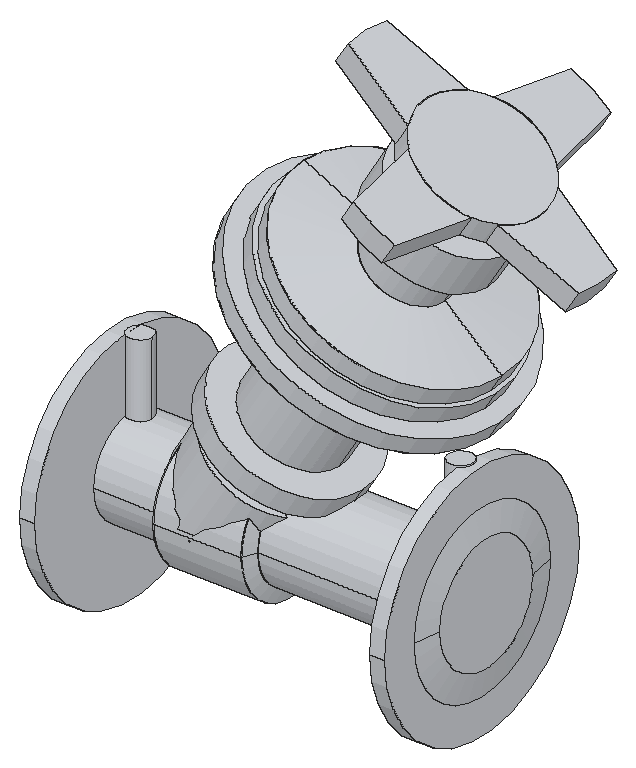
Revit family "224_DN080_20-70_RFA_2018", category Pipe Accessories, Revit 2018
Family settings
  Round Connector Dimension = Use Diameter
  Part Type = Valve - Breaks Into
  Work Plane-Based = No
  Always vertical = Yes
  Cut with Voids When Loaded = No
  Shared = No
Parameters (values of type "224_DN080_(20-70)")
  magiProductId = "2f63645f7c5342ecbadd0051fa47f2"
  magiProductFamilyId = "cb96b53648234cefb8c956722b95ac"
  magiPartTypeId = 304
  isMeasuringValve [instance] = no
  ang2D [instance] = 0.00°
  Z8 = 23.328 mm
  Z7 = 7.776 mm
  Z6 = 97.2 mm
  Z4 = 38.88 mm
  Z3 = 15.552 mm
  Z2 = 19.44 mm
  Z1 = 58.32 mm
  Y9 = 112.022 mm
  Y8 = 43.927 mm
  X9 = 19.752 mm
  X8 = 30.758 mm
  X5 = 140.96 mm
  X4 = 72.8 mm
  X1 = 12.4 mm
  W2D = 100 mm
  VersionID = "2.0/2018.4.11.4/ZETKAMA_224_001"
  Use Minimum Symbol Size [instance] = yes
  URL = "www.hydronic.cz"
  Type Comments = "přírubový ventil, PN16; -10~+120°C; dpmin=1,5xdpnast;"
  R8 = 53.625 mm
  R7 = 35.75 mm
  R6 = 96.688 mm
  R5 = 100 mm
  R4 = 113.75 mm
  R3 = 41.6 mm
  R2 = 70.5 mm
  R12 = 42.75 mm
  R10 = 48 mm
  QmdConnectorList = "301;D;302;D"
  Productdata [instance] = ""
  Manufacturer = "Hydronic Systems Prague s.r.o."
  Maintenance Zone Under Depth [instance] = 390 mm
  Maintenance Zone Right Depth [instance] = 310 mm
  Maintenance Zone Over Depth [instance] = 390 mm
  Maintenance Zone Left Depth [instance] = 310 mm
  Maintenance Zone Front Depth [instance] = 273 mm
  Maintenance Zone Back Depth [instance] = 273 mm
  Maintenance Zone Front Visibility [instance] = no
  MC Product Code = "224 080 3 (DN80; dpnast 20-70kPa; dpmax=300kPa; kvs=74,5kPa)"
  MC Piping Given Pressure Drop [instance] = 0.0 Pa
  LT2 = 155 mm
  L3 = 55.44 mm
  L2D_Min = 3048 mm
  L2D = 350 mm
  H5 = 60 mm
  FDT2 = 100 mm
  Description = "Regulátor diferenčního tlaku přírubový"
  DT21 = 40 mm
  DT2 = 40 mm
  D6 = 65 mm
  D5 = 52 mm
  D = 80 mm
  Clearance Zone Height Depth [instance] = 390 mm
  Clearance Zone Circular Radius [instance] = 310 mm
  Clearance Zone Visibility [instance] = no
  CAT0 = yes
  ARC2 = 1.728 mm
  ARC1 = 9.698 mm
  ANG = 32.00°
  A2 = 28.748 mm
  A1 = 46.007 mm
Types (10, lengths in mm): name | magiProductId | Z8 | Z7 | Z6 | Z4 | Z3 | Z2 | Z1 | X5 | X4 | X1 | R5 | R3 | R2 | R10 | Maintenance Zone Under Depth | Maintenance Zone Right Depth | Maintenance Zone Over Depth | Maintenance Zone Left Depth | MC Product Code | LT2 | L3 | H5 | FDT2 | DT21 | DT2 | D6 | D5 | D | Clearance Zone Height Depth | Clearance Zone Circular Radius | A2 | A1
  224_DN100_(40-160) | "71f9e553003c40d991c5e352e67284" | 24.389 | 8.13 | 101.622 | 40.649 | 16.26 | 20.324 | 60.973 | 152.2 | 91 | 14 | 110 | 52 | 80.5 | 58 | 405 | 350 | 405 | 350 | "224 100 7 (DN100; dpnast 40-160kPa; dpmax=250kPa; kvs=110,0kPa)" | 175 | 62.8 | 60 | 110 | 50 | 50 | 81.25 | 65 | 100 | 405 | 350 | 32.458 | 51.943
  224_DN100_(20-70) | "5e4de33176c64976a9c157b39996ce" | 24.389 | 8.13 | 101.622 | 40.649 | 16.26 | 20.324 | 60.973 | 152.2 | 91 | 14 | 110 | 52 | 80.5 | 58 | 405 | 350 | 405 | 350 | "224 100 3 (DN100; dpnast 20-70kPa; dpmax=250kPa; kvs=110,0kPa)" | 175 | 62.8 | 60 | 110 | 50 | 50 | 81.25 | 65 | 100 | 405 | 350 | 32.458 | 51.943
  224_DN125_(40-160) | "9beb69b667494b6ab1f54942078ae6" | 25.804 | 8.601 | 107.518 | 43.007 | 17.203 | 21.504 | 64.511 | 166.25 | 113.75 | 16 | 125 | 65 | 95.5 | 71 | 425 | 400 | 425 | 400 | "224 125 7 (DN125; dpnast 40-160kPa; dpmax=250kPa; kvs=169,0kPa)" | 200 | 72 | 62.5 | 125 | 62.5 | 62.5 | 101.562 | 81.25 | 125 | 425 | 400 | 37.094 | 59.363
  224_DN125_(20-70) | "2c85edc695ca465cb63b6911085491" | 25.804 | 8.601 | 107.518 | 43.007 | 17.203 | 21.504 | 64.511 | 166.25 | 113.75 | 16 | 125 | 65 | 95.5 | 71 | 425 | 400 | 425 | 400 | "224 125 3 (DN125; dpnast 20-70kPa; dpmax=250kPa; kvs=169,0kPa)" | 200 | 72 | 62.5 | 125 | 62.5 | 62.5 | 101.562 | 81.25 | 125 | 425 | 400 | 37.094 | 59.363
  224_DN150_(40-160) | "96017eba5eec4de2abe05c4d8dc7d1" | 26.866 | 8.955 | 89.552 | 44.776 | 17.91 | 22.388 | 89.552 | 223.38 | 115.5 | 19.2 | 142.5 | 70.2 | 108.5 | 84 | 440 | 480 | 440 | 480 | "224 150 7 (DN150; dpnast 40-160kPa; dpmax=250kPa; kvs=200,0kPa)" | 240 | 86.72 | 67.5 | 142.5 | 67.5 | 75 | 90.75 | 82.5 | 150 | 440 | 480 | 44.513 | 71.236
  224_DN150_(20-70) | "2dcf3707ec5549d494f72875a03dce" | 26.866 | 8.955 | 89.552 | 44.776 | 17.91 | 22.388 | 89.552 | 223.38 | 115.5 | 19.2 | 142.5 | 70.2 | 108.5 | 84 | 440 | 480 | 440 | 480 | "224 150 3 (DN150; dpnast 20-70kPa; dpmax=250kPa; kvs=200,0kPa)" | 240 | 86.72 | 67.5 | 142.5 | 67.5 | 75 | 90.75 | 82.5 | 150 | 440 | 480 | 44.513 | 71.236
  224_DN065_(40-160) | "7a3227ed888c4b0d8669ae9eb0085d" | 22.974 | 7.658 | 95.726 | 38.29 | 15.316 | 19.145 | 57.436 | 139.89 | 59.15 | 11.6 | 92.5 | 33.8 | 63 | 40.5 | 385 | 290 | 385 | 290 | "224 065 7 (DN65; dpnast 40-160kPa; dpmax=300kPa; kvs=48,4kPa)" | 145 | 51.76 | 60 | 92.5 | 32.5 | 32.5 | 52.812 | 42.25 | 65 | 385 | 290 | 26.893 | 43.038
  224_DN065_(20-70) | "bd269db4002540fe9b2a41f205afd7" | 22.974 | 7.658 | 95.726 | 38.29 | 15.316 | 19.145 | 57.436 | 139.89 | 59.15 | 11.6 | 92.5 | 33.8 | 63 | 40.5 | 385 | 290 | 385 | 290 | "224 065 3 (DN65; dpnast 20-70kPa; dpmax=300kPa; kvs=48,4kPa)" | 145 | 51.76 | 60 | 92.5 | 32.5 | 32.5 | 52.812 | 42.25 | 65 | 385 | 290 | 26.893 | 43.038
  224_DN080_(40-160) | "20b45c03d3cb49e9a44f946d5e2c2d" | 23.328 | 7.776 | 97.2 | 38.88 | 15.552 | 19.44 | 58.32 | 140.96 | 72.8 | 12.4 | 100 | 41.6 | 70.5 | 48 | 390 | 310 | 390 | 310 | "224 080 7 (DN80; dpnast 40-160kPa; dpmax=300kPa; kvs=74,5kPa)" | 155 | 55.44 | 60 | 100 | 40 | 40 | 65 | 52 | 80 | 390 | 310 | 28.748 | 46.007
  224_DN080_(20-70) | "2f63645f7c5342ecbadd0051fa47f2" | 23.328 | 7.776 | 97.2 | 38.88 | 15.552 | 19.44 | 58.32 | 140.96 | 72.8 | 12.4 | 100 | 41.6 | 70.5 | 48 | 390 | 310 | 390 | 310 | "224 080 3 (DN80; dpnast 20-70kPa; dpmax=300kPa; kvs=74,5kPa)" | 155 | 55.44 | 60 | 100 | 40 | 40 | 65 | 52 | 80 | 390 | 310 | 28.748 | 46.007
Reference planes
  plane 1 "Center (Front/Back)": y = 0
  plane 2 "XYPLANE": z = 0
  plane 3 "Center (Left/Right)": x = 0
  plane 4 "274": z = -390
  plane 5 "273": z = 390
  plane 6 "272": x = -310
  plane 7 "271": x = 310
  plane 8 "270": y = 273
  plane 9 "269": y = -273
  plane 10 "202": x = 133.6
  plane 11 "201": z = 40
  plane 12 "199": x = -131.6
  plane 13 "196": x = -2.36
  plane 14 "195": x = -6.36
  plane 15 "186": x = -79.16
  plane 16 "185": x = -83.16
  plane 17 "157": through (-527.65, 0, 570.893) normal (0.5299, 0, 0.848)
  plane 18 "123": y = -19.752
  plane 19 "122": y = -30.758
  plane 20 "120": y = 19.752
  plane 21 "119": y = 30.758
  plane 22 "118": through (263.424, 0, 719.778) normal (0.848, 0, -0.5299)
  plane 23 "117": through (395.676, 0, 637.138) normal (0.848, 0, -0.5299)
  plane 24 "116": through (453.424, 0, 601.053) normal (0.848, 0, -0.5299)
  plane 25 "115": through (321.171, 0, 683.694) normal (0.848, 0, -0.5299)
  plane 26 "113": y = -43.927
  plane 27 "112": y = -112.022
  plane 28 "110": through (384.508, 0, 644.117) normal (0.848, 0, -0.5299)
  plane 29 "108": through (341.673, 0, 670.883) normal (0.848, 0, -0.5299)
  plane 30 "107": through (332.339, 0, 676.715) normal (0.848, 0, -0.5299)
  plane 31 "106": through (375.175, 0, 649.949) normal (0.848, 0, -0.5299)
  plane 32 "105": y = 112.022
  plane 33 "104": y = 43.927
  plane 34 "99": through (-455.539, 0, 686.295) normal (0.5299, 0, 0.848)
  plane 35 "96": through (-465.841, 0, 669.809) normal (0.5299, 0, 0.848)
  plane 36 "91": through (-486.444, 0, 636.837) normal (0.5299, 0, 0.848)
  plane 37 "87": through (-507.047, 0, 603.865) normal (0.5299, 0, 0.848)
  plane 38 "84": through (-511.168, 0, 597.27) normal (0.5299, 0, 0.848)
  plane 39 "82": through (-519.409, 0, 584.082) normal (0.5299, 0, 0.848)
  plane 40 "75": through (-535.892, 0, 557.704) normal (0.5299, 0, 0.848)
  plane 41 "74": through (-548.254, 0, 537.92) normal (0.5299, 0, 0.848)
  plane 42 "41": through (-599.762, 0, 455.49) normal (0.5299, 0, 0.848)
  plane 43 "37": through (-610.064, 0, 439.004) normal (0.5299, 0, 0.848)
  plane 44 "34": through (-620.365, 0, 422.518) normal (0.5299, 0, 0.848)
  plane 45 "30": through (-651.27, 0, 373.06) normal (0.5299, 0, 0.848)
  plane 46 "28": y = 0
  plane 47 "27": through (358.424, 0, 660.416) normal (0.848, 0, -0.5299)
  plane 48 "24": x = 151
  plane 49 "23": x = 138.6
  plane 50 "15": x = -138.6
  plane 51 "11": x = -151
  plane 52 "6": x = 155
  plane 53 "5": x = -155
  plane 54 "3": z = 0
  plane 55 "2": y = 0
  plane 56 "1": x = 0
  plane 57 "25XY": through (-636.036, 0, 397.439) normal (0.5299, 0, 0.848)
  plane 58 "25XZ": y = 0
  plane 59 "25YZ": through (397.439, 0, 636.036) normal (0.848, 0, -0.5299)
Forms (mm)
  Blend 1, solid, visible <- "CAT0"
    base sketch origin (-548.254, 0, 537.92) x (0.848048, 0, -0.529919) y (0, 1, 0)
      loop
        circle (703.993, 0) r 42.75
    top sketch origin (-548.254, 0, 537.92) x (0.848048, 0, -0.529919) y (0, 1, 0)
      loop
        circle (703.993, 0) r 113.75
    from 0 to 23.328
  Blend 2, solid, visible <- "Maintenance Zone Front Visibility"
    base sketch origin (-750, 0, 390) x (1, 0, 0) y (0, 1, 0)
      loop
        line (440, 273) -> (440, -273) -> (1060, -273) -> (1060, 273) -> (440, 273)
    top sketch origin (-750, 0, 390) x (1, 0, 0) y (0, 1, 0)
      loop
        line (440, 273) -> (440, -273) -> (1060, -273) -> (1060, 273) -> (440, 273)
    from 0 to -780
  Extrusion 3, solid, visible <- "Clearance Zone Visibility"
    sketch origin (-750, 0, 0) x (1, 0, 0) y (0, 1, 0)
      loop
        circle (750, 0) r 310
    from 0 to 390 <- "Clearance Zone Height Depth"
  Extrusion 4, solid, visible <- "CAT0"
    sketch origin (-599.762, 0, 455.49) x (0.848048, 0, -0.529919) y (0, 1, 0)
      loop
        circle (703.993, 0) r 42.75
    from 0 to 97.2 <- "Z6"
  Extrusion 5, solid
    sketch origin (-750, 0, 40) x (1, 0, 0) y (0, 1, 0)
      loop
        circle (883.6, 0) r 10
    from 0 to 60 <- "H5"
  Extrusion 6, solid
    sketch origin (-750, 0, 40) x (1, 0, 0) y (0, 1, 0)
      loop
        circle (618.4, 0) r 10
    from 0 to 60 <- "H5"
  Extrusion 7, solid
    sketch origin (-2.36, -750, 0) x (0, 1, 0) y (0, 0, 1)
      loop
        circle (750, 0) r 40
    from 0 to 140.96 <- "X5"
  Blend 8, solid
    base sketch origin (-2.36, -750, 0) x (0, 1, 0) y (0, 0, 1)
      loop
        circle (750, 0) r 40
    top sketch origin (-2.36, -750, 0) x (0, 1, 0) y (0, 0, 1)
      loop
        circle (750, 0) r 52
    from 0 to -4
  Extrusion 9, solid
    sketch origin (-79.16, -750, 0) x (0, 1, 0) y (0, 0, 1)
      loop
        circle (750, 0) r 52
    from 0 to 72.8 <- "X4"
  Blend 10, solid
    base sketch origin (-83.16, -750, 0) x (0, 1, 0) y (0, 0, 1)
      loop
        circle (750, 0) r 40
    top sketch origin (-83.16, -750, 0) x (0, 1, 0) y (0, 0, 1)
      loop
        circle (750, 0) r 52
    from 0 to 4
  Extrusion 11, solid
    sketch origin (-651.27, 0, 373.06) x (0.848048, 0, -0.529919) y (0, 1, 0)
      loop
        circle (703.993, 0) r 52
    from 0 to 58.32 <- "Z1"
  Extrusion 12, solid
    sketch origin (-535.892, 0, 557.704) x (0.848048, 0, -0.529919) y (0, 1, 0)
      loop
        circle (703.993, 0) r 113.75
    from 0 to 15.552 <- "Z3"
  Extrusion 13, solid
    sketch origin (-455.539, 0, 686.295) x (0.848048, 0, -0.529919) y (0, 1, 0)
      loop
        line (747.92, -30.758) -> (816.015, -19.752)
        arc (816.015, -19.752) -> (817.743, 0) -> (816.015, 19.752) r 113.75
        line (816.015, 19.752) -> (747.92, 30.758)
        arc (747.92, 30.758) -> (757.618, 0) -> (747.92, -30.758) r 53.625
    from 0 to 19.44 <- "Z2"
  Extrusion 14, solid
    sketch origin (-455.539, 0, 686.295) x (0.848048, 0, -0.529919) y (0, 1, 0)
      loop
        line (660.066, 30.758) -> (591.972, 19.752)
        arc (591.972, 19.752) -> (590.243, 0) -> (591.972, -19.752) r 113.75
        line (591.972, -19.752) -> (660.066, -30.758)
        arc (660.066, -30.758) -> (650.368, 0) -> (660.066, 30.758) r 53.625
    from 0 to 19.44 <- "Z2"
  Extrusion 15, solid
    sketch origin (-455.539, 0, 686.295) x (0.848048, 0, -0.529919) y (0, 1, 0)
      loop
        line (673.235, -43.927) -> (684.241, -112.022)
        arc (684.241, -112.022) -> (703.993, -113.75) -> (723.746, -112.022) r 113.75
        line (723.746, -112.022) -> (734.751, -43.927)
        arc (734.751, -43.927) -> (703.993, -53.625) -> (673.235, -43.927) r 53.625
    from 0 to 19.44 <- "Z2"
  Extrusion 16, solid
    sketch origin (-455.539, 0, 686.295) x (0.848048, 0, -0.529919) y (0, 1, 0)
      loop
        line (734.751, 43.927) -> (723.746, 112.022)
        arc (723.746, 112.022) -> (703.993, 113.75) -> (684.241, 112.022) r 113.75
        line (684.241, 112.022) -> (673.235, 43.927)
        arc (673.235, 43.927) -> (703.993, 53.625) -> (734.751, 43.927) r 53.625
    from 0 to 19.44 <- "Z2"
  Extrusion 17, solid
    sketch origin (-455.539, 0, 686.295) x (0.848048, 0, -0.529919) y (0, 1, 0)
      loop
        circle (703.993, 0) r 53.625
    from 0 to 19.44 <- "Z2"
  Extrusion 18, solid
    sketch origin (-465.841, 0, 669.809) x (0.848048, 0, -0.529919) y (0, 1, 0)
      loop
        circle (703.993, 0) r 35.75
    from 0 to 19.44 <- "Z2"
  Extrusion 19, solid
    sketch origin (-486.444, 0, 636.837) x (0.848048, 0, -0.529919) y (0, 1, 0)
      loop
        circle (703.993, 0) r 53.625
    from 0 to 38.88 <- "Z4"
  Extrusion 20, solid
    sketch origin (-507.047, 0, 603.865) x (0.848048, 0, -0.529919) y (0, 1, 0)
      loop
        circle (703.993, 0) r 35.75
    from 0 to 38.88 <- "Z4"
  Blend 21, solid
    base sketch origin (-511.168, 0, 597.27) x (0.848048, 0, -0.529919) y (0, 1, 0)
      loop
        circle (703.993, 0) r 96.688
    top sketch origin (-511.168, 0, 597.27) x (0.848048, 0, -0.529919) y (0, 1, 0)
      loop
        circle (703.993, 0) r 35.75
    from 0 to 7.776
  Extrusion 22, solid
    sketch origin (-519.409, 0, 584.082) x (0.848048, 0, -0.529919) y (0, 1, 0)
      loop
        circle (703.993, 0) r 96.688
    from 0 to 15.552 <- "Z3"
  Extrusion 23, solid
    sketch origin (-527.65, 0, 570.893) x (0.848048, 0, -0.529919) y (0, 1, 0)
      loop
        circle (703.993, 0) r 100
    from 0 to 15.552 <- "Z3"
  Extrusion 24, solid
    sketch origin (-610.064, 0, 439.004) x (0.848048, 0, -0.529919) y (0, 1, 0)
      loop
        circle (703.993, 0) r 65
    from 0 to 19.44 <- "Z2"
  Extrusion 25, solid
    sketch origin (-620.365, 0, 422.518) x (0.848048, 0, -0.529919) y (0, 1, 0)
      loop
        circle (703.993, 0) r 41.6
    from 0 to 19.44 <- "Z2"
  Blend 26, solid
    base sketch origin (151, -750, 0) x (0, 1, 0) y (0, 0, 1)
      loop
        circle (750, 0) r 70.5
    top sketch origin (151, -750, 0) x (0, 1, 0) y (0, 0, 1)
      loop
        circle (750, 0) r 48
    from 0 to 4
  Extrusion 27, solid
    sketch origin (138.6, -750, 0) x (0, 1, 0) y (0, 0, 1)
      loop
        circle (750, 0) r 100
    from 0 to 12.4 <- "X1"
  Extrusion 28, solid
    sketch origin (-138.6, -750, 0) x (0, 1, 0) y (0, 0, 1)
      loop
        circle (750, 0) r 40
    from 0 to 55.44 <- "L3"
  Extrusion 29, solid
    sketch origin (-151, -750, 0) x (0, 1, 0) y (0, 0, 1)
      loop
        circle (750, 0) r 100
    from 0 to 12.4 <- "X1"
  Blend 30, solid
    base sketch origin (-155, -750, 0) x (0, 1, 0) y (0, 0, 1)
      loop
        circle (750, 0) r 48
    top sketch origin (-155, -750, 0) x (0, 1, 0) y (0, 0, 1)
      loop
        circle (750, 0) r 70.5
    from 0 to 4
  Extrusion 31, solid, not visible
    sketch origin (155, -750, 0) x (0, 1, 0) y (0, 0, 1)
      loop
        circle (750, 0) r 10
    from 0 to -10
  Extrusion 32, solid, not visible
    sketch origin (-155, -750, 0) x (0, 1, 0) y (0, 0, 1)
      loop
        circle (750, 0) r 10
    from 0 to 10
Lines and regions (mm)
  reference lines, not visible
    curve 1: circle (-5.16, 2, 0) r 1 normal (0, 0, 1)
  reference lines
    curve 2: line (178.734, -30.758, 289.958) -> (178.734, 30.758, 289.958)
    curve 3: line (236.481, 19.752, 253.873) -> (236.481, -19.752, 253.873)
    curve 4: line (104.229, 30.758, 336.513) -> (104.229, -30.758, 336.513)
    curve 5: line (46.481, -19.752, 372.598) -> (46.481, 19.752, 372.598)
    curve 6: line (115.397, -43.927, 329.535) -> (167.566, -43.927, 296.936)
    curve 7: line (158.232, -112.022, 302.768) -> (124.73, -112.022, 323.703)
    curve 8: line (167.566, 43.927, 296.936) -> (115.397, 43.927, 329.535)
    curve 9: line (124.73, 112.022, 323.703) -> (158.232, 112.022, 302.768)
Dimensions and locks
  plane 1 "Center (Front/Back)" to curve 1 = 2 mm
  "Maintenance Zone Under Depth": plane 2 "XYPLANE" to plane 4 "274"
  "Maintenance Zone Over Depth": plane 2 "XYPLANE" to plane 5 "273"
  "Maintenance Zone Left Depth": plane 3 "Center (Left/Right)" to plane 6 "272"
  "Maintenance Zone Right Depth": plane 3 "Center (Left/Right)" to plane 7 "271"
  "Maintenance Zone Back Depth": plane 1 "Center (Front/Back)" to plane 8 "270"
  "Maintenance Zone Front Depth": plane 1 "Center (Front/Back)" to plane 9 "269"
  locked: plane 49 "23" to plane 10 "202" at 5
  "DT2": plane 2 "XYPLANE" to plane 11 "201"
  locked: plane 50 "15" to plane 12 "199" at 7
  locked: plane 14 "195" to plane 13 "196" at 4
  "X4": plane 15 "186" to plane 14 "195"
  locked: plane 16 "185" to plane 15 "186" at 4
  "L3": plane 50 "15" to plane 16 "185"
  "Z3": plane 40 "75" to plane 17 "157"
  "X9": plane 55 "2" to plane 18 "123"
  "X8": plane 55 "2" to plane 19 "122"
  "X9": plane 55 "2" to plane 20 "120"
  "X8": plane 55 "2" to plane 21 "119"
  "Y9": plane 47 "27" to plane 22 "118"
  "Y8": plane 47 "27" to plane 23 "117"
  "Y9": plane 47 "27" to plane 24 "116"
  "Y8": plane 47 "27" to plane 25 "115"
  "Y8": plane 55 "2" to plane 26 "113"
  "Y9": plane 55 "2" to plane 27 "112"
  "X8": plane 47 "27" to plane 28 "110"
  "X9": plane 47 "27" to plane 29 "108"
  "X8": plane 47 "27" to plane 30 "107"
  "X9": plane 47 "27" to plane 31 "106"
  "Y9": plane 55 "2" to plane 32 "105"
  "Y8": plane 55 "2" to plane 33 "104"
  "Z2": plane 35 "96" to plane 34 "99"
  "Z4": plane 36 "91" to plane 35 "96"
  "Z4": plane 37 "87" to plane 36 "91"
  "Z7": plane 38 "84" to plane 37 "87"
  "Z3": plane 39 "82" to plane 38 "84"
  "Z3": plane 17 "157" to plane 39 "82"
  "Z8": plane 41 "74" to plane 40 "75"
  "Z6": plane 42 "41" to plane 41 "74"
  "Z2": plane 43 "37" to plane 42 "41"
  "Z2": plane 44 "34" to plane 43 "37"
  "Z1": plane 45 "30" to plane 44 "34"
  "A2": plane 57 "25XY" to plane 45 "30"
  locked: plane 55 "2" to plane 46 "28"
  "A1": plane 59 "25YZ" to plane 47 "27"
  "X1": plane 49 "23" to plane 48 "24"
  "X5": plane 13 "196" to plane 49 "23"
  "X1": plane 51 "11" to plane 50 "15"
  locked: plane 53 "5" to plane 51 "11" at 4
  "LT2": plane 3 "Center (Left/Right)" to plane 52 "6"
  "LT2": plane 3 "Center (Left/Right)" to plane 53 "5"
  locked: plane 2 "XYPLANE" to plane 54 "3"
  locked: plane 1 "Center (Front/Back)" to plane 55 "2"
  locked: plane 3 "Center (Left/Right)" to plane 56 "1"
  Blend 2 sketch curve to Blend 2 sketch curve = 0 mm  (x16)
  "ARC1": curve 2 to Extrusion 13 sketch curve
  "ARC2": curve 3 to Extrusion 13 sketch curve
  Extrusion 13 sketch curve to Extrusion 13 sketch curve = 0 mm  (x8)
  "ARC1": curve 4 to Extrusion 14 sketch curve
  "ARC2": curve 5 to Extrusion 14 sketch curve
  Extrusion 14 sketch curve to Extrusion 14 sketch curve = 0 mm  (x8)
  "ARC1": curve 6 to Extrusion 15 sketch curve
  "ARC2": curve 7 to Extrusion 15 sketch curve
  Extrusion 15 sketch curve to Extrusion 15 sketch curve = 0 mm  (x8)
  "ARC1": curve 8 to Extrusion 16 sketch curve
  "ARC2": curve 9 to Extrusion 16 sketch curve
  Extrusion 16 sketch curve to Extrusion 16 sketch curve = 0 mm  (x8)
  "R4": radius of Blend 1 sketch curve
  "R12": radius of Blend 1 sketch curve
  "Clearance Zone Circular Radius": radius of Extrusion 3 sketch curve
  "R12": radius of Extrusion 4 sketch curve
  "DT21": radius of Extrusion 7 sketch curve
  "D5": radius of Blend 8 sketch curve
  "DT21": radius of Blend 8 sketch curve
  "D5": radius of Extrusion 9 sketch curve
  "D5": radius of Blend 10 sketch curve
  "DT21": radius of Blend 10 sketch curve
  "D5": radius of Extrusion 11 sketch curve
  "R4": radius of Extrusion 12 sketch curve
  "R8": radius of Extrusion 17 sketch curve
  "R7": radius of Extrusion 18 sketch curve
  "R8": radius of Extrusion 19 sketch curve
  "R7": radius of Extrusion 20 sketch curve
  "R7": radius of Blend 21 sketch curve
  "R6": radius of Blend 21 sketch curve
  "R6": radius of Extrusion 22 sketch curve
  "R5": radius of Extrusion 23 sketch curve
  "D6": radius of Extrusion 24 sketch curve
  "R3": radius of Extrusion 25 sketch curve
  "R10": radius of Blend 26 sketch curve
  "R2": radius of Blend 26 sketch curve
  "FDT2": radius of Extrusion 27 sketch curve
  "DT21": radius of Extrusion 28 sketch curve
  "FDT2": radius of Extrusion 29 sketch curve
  "R2": radius of Blend 30 sketch curve
  "R10": radius of Blend 30 sketch curve
  aligned and locked: level to plane 2 "XYPLANE"
  aligned and locked: plane 46 "28" to Blend 1 sketch curve  (x2)
  aligned and locked: Blend 1 sketch curve to plane 47 "27"  (x2)
  aligned and locked: plane 40 "75" to Blend 1
  aligned and locked: Blend 2 sketch curve to plane 6 "272"  (x2)
  aligned and locked: plane 8 "270" to Blend 2 sketch curve  (x4)
  aligned and locked: plane 9 "269" to Blend 2 sketch curve  (x4)
  aligned and locked: plane 6 "272" to Blend 2 sketch curve  (x2)
  aligned and locked: plane 7 "271" to Blend 2 sketch curve  (x4)
  aligned and locked: Blend 2 to plane 4 "274"
  aligned and locked: plane 55 "2" to Extrusion 3 sketch curve
  aligned and locked: plane 56 "1" to Extrusion 3 sketch curve
  aligned and locked: plane 46 "28" to Extrusion 4 sketch curve
  aligned and locked: Extrusion 4 sketch curve to plane 47 "27"
  aligned and locked: plane 10 "202" to Extrusion 5 sketch curve
  aligned and locked: plane 55 "2" to Extrusion 5 sketch curve
  aligned and locked: plane 12 "199" to Extrusion 6 sketch curve
  aligned and locked: plane 55 "2" to Extrusion 6 sketch curve
  aligned and locked: plane 54 "3" to Extrusion 7 sketch curve
  aligned and locked: Extrusion 7 sketch curve to plane 55 "2"
  aligned and locked: plane 54 "3" to Blend 8 sketch curve  (x2)
  aligned and locked: Blend 8 sketch curve to plane 55 "2"  (x2)
  aligned and locked: Blend 8 to plane 14 "195"
  aligned and locked: plane 54 "3" to Extrusion 9 sketch curve
  aligned and locked: Extrusion 9 sketch curve to plane 55 "2"
  aligned and locked: plane 54 "3" to Blend 10 sketch curve  (x2)
  aligned and locked: Blend 10 sketch curve to plane 55 "2"  (x2)
  aligned and locked: plane 15 "186" to Blend 10
  aligned and locked: plane 46 "28" to Extrusion 11 sketch curve
  aligned and locked: Extrusion 11 sketch curve to plane 47 "27"
  aligned and locked: plane 46 "28" to Extrusion 12 sketch curve
  aligned and locked: Extrusion 12 sketch curve to plane 47 "27"
  aligned and locked: curve 2 to plane 23 "117"
  aligned and locked: plane 19 "122" to curve 2
  aligned and locked: plane 21 "119" to curve 2
  aligned and locked: plane 21 "119" to Extrusion 13 sketch curve
  aligned and locked: plane 23 "117" to Extrusion 13 sketch curve
  aligned and locked: plane 20 "120" to Extrusion 13 sketch curve
  aligned and locked: plane 24 "116" to Extrusion 13 sketch curve
  aligned and locked: curve 3 to plane 24 "116"
  aligned and locked: plane 20 "120" to curve 3
  aligned and locked: plane 18 "123" to curve 3
  aligned and locked: plane 18 "123" to Extrusion 13 sketch curve
  aligned and locked: Extrusion 13 sketch curve to plane 24 "116"
  aligned and locked: plane 19 "122" to Extrusion 13 sketch curve
  aligned and locked: Extrusion 13 sketch curve to plane 23 "117"
  aligned and locked: curve 4 to plane 25 "115"
  aligned and locked: plane 21 "119" to curve 4
  aligned and locked: plane 19 "122" to curve 4
  aligned and locked: plane 19 "122" to Extrusion 14 sketch curve
  aligned and locked: Extrusion 14 sketch curve to plane 25 "115"
  aligned and locked: plane 18 "123" to Extrusion 14 sketch curve
  aligned and locked: Extrusion 14 sketch curve to plane 22 "118"
  aligned and locked: curve 5 to plane 22 "118"
  aligned and locked: plane 18 "123" to curve 5
  aligned and locked: plane 20 "120" to curve 5
  aligned and locked: plane 20 "120" to Extrusion 14 sketch curve
  aligned and locked: plane 22 "118" to Extrusion 14 sketch curve
  aligned and locked: plane 21 "119" to Extrusion 14 sketch curve
  aligned and locked: plane 25 "115" to Extrusion 14 sketch curve
  aligned and locked: curve 6 to plane 26 "113"
  aligned and locked: curve 6 to plane 30 "107"
  aligned and locked: curve 6 to plane 28 "110"
  aligned and locked: plane 26 "113" to Extrusion 15 sketch curve  (x2)
  aligned and locked: Extrusion 15 sketch curve to plane 28 "110"
  aligned and locked: plane 27 "112" to Extrusion 15 sketch curve  (x2)
  aligned and locked: Extrusion 15 sketch curve to plane 31 "106"
  aligned and locked: plane 27 "112" to curve 7
  aligned and locked: curve 7 to plane 31 "106"
  aligned and locked: curve 7 to plane 29 "108"
  aligned and locked: Extrusion 15 sketch curve to plane 29 "108"
  aligned and locked: Extrusion 15 sketch curve to plane 30 "107"
  aligned and locked: plane 33 "104" to curve 8
  aligned and locked: plane 28 "110" to curve 8
  aligned and locked: plane 30 "107" to curve 8
  aligned and locked: plane 30 "107" to Extrusion 16 sketch curve
  aligned and locked: plane 33 "104" to Extrusion 16 sketch curve  (x2)
  aligned and locked: plane 29 "108" to Extrusion 16 sketch curve
  aligned and locked: plane 32 "105" to Extrusion 16 sketch curve  (x2)
  aligned and locked: curve 9 to plane 32 "105"
  aligned and locked: plane 29 "108" to curve 9
  aligned and locked: plane 31 "106" to curve 9
  aligned and locked: plane 31 "106" to Extrusion 16 sketch curve
  aligned and locked: plane 28 "110" to Extrusion 16 sketch curve
  aligned and locked: plane 46 "28" to Extrusion 17 sketch curve
  aligned and locked: Extrusion 17 sketch curve to plane 47 "27"
  aligned and locked: plane 46 "28" to Extrusion 18 sketch curve
  aligned and locked: Extrusion 18 sketch curve to plane 47 "27"
  aligned and locked: plane 46 "28" to Extrusion 19 sketch curve
  aligned and locked: Extrusion 19 sketch curve to plane 47 "27"
  aligned and locked: plane 46 "28" to Extrusion 20 sketch curve
  aligned and locked: Extrusion 20 sketch curve to plane 47 "27"
  aligned and locked: plane 46 "28" to Blend 21 sketch curve  (x2)
  aligned and locked: Blend 21 sketch curve to plane 47 "27"  (x2)
  aligned and locked: plane 37 "87" to Blend 21
  aligned and locked: plane 46 "28" to Extrusion 22 sketch curve
  aligned and locked: Extrusion 22 sketch curve to plane 47 "27"
  aligned and locked: plane 46 "28" to Extrusion 23 sketch curve
  aligned and locked: Extrusion 23 sketch curve to plane 47 "27"
  aligned and locked: plane 46 "28" to Extrusion 24 sketch curve
  aligned and locked: Extrusion 24 sketch curve to plane 47 "27"
  aligned and locked: plane 46 "28" to Extrusion 25 sketch curve
  aligned and locked: Extrusion 25 sketch curve to plane 47 "27"
  aligned and locked: plane 54 "3" to Blend 26 sketch curve  (x2)
  aligned and locked: Blend 26 sketch curve to plane 55 "2"  (x2)
  aligned and locked: plane 52 "6" to Blend 26
  aligned and locked: plane 54 "3" to Extrusion 27 sketch curve
  aligned and locked: Extrusion 27 sketch curve to plane 55 "2"
  aligned and locked: plane 54 "3" to Extrusion 28 sketch curve
  aligned and locked: Extrusion 28 sketch curve to plane 55 "2"
  aligned and locked: plane 54 "3" to Extrusion 29 sketch curve
  aligned and locked: Extrusion 29 sketch curve to plane 55 "2"
  aligned and locked: plane 54 "3" to Blend 30 sketch curve  (x2)
  aligned and locked: Blend 30 sketch curve to plane 55 "2"  (x2)
  aligned and locked: plane 51 "11" to Blend 30
  aligned and locked: plane 54 "3" to Extrusion 31 sketch curve
  aligned and locked: Extrusion 31 sketch curve to plane 55 "2"
  aligned and locked: plane 54 "3" to Extrusion 32 sketch curve
  aligned and locked: Extrusion 32 sketch curve to plane 55 "2"
Automatic sketch dimensions
  Extrusion 5 sketch curve to Extrusion 5 sketch curve = 10 mm
  Extrusion 6 sketch curve to plane 50 "15" = 3 mm
  plane 18 "123" to Extrusion 31 sketch curve = 9.752 mm
  plane 18 "123" to Extrusion 32 sketch curve = 9.752 mm
  plane 14 "195" to curve 1 = 1.2 mm
  radius of curve 1 = 1 mm
Connectors
  piping at (-155, 0, 0), diameter 80, driven by "D"
    settings: on Extrusion 32, index 1, connector inside diameter 609.6 mm, connector length 0 mm, flow factor 0, pipe flow 0.0 L/s, pressure drop 0.0 Pa, fitting loss kfactor 0, connector angle 0.00°, fixture units 0, engagement length 0 mm, angle of deflection 0.00°, flow configuration 0, flow direction 0, fitting loss method 0, system type 29, joint type 0, gender type 0, connector reference index 2, connector utility 0, adjustable connector no, is connector primary yes, connector description ""
  piping at (155, 0, 0), diameter 80, driven by "D"
    settings: on Extrusion 31, index 2, connector inside diameter 609.6 mm, connector length 0 mm, flow factor 0, pipe flow 0.0 L/s, pressure drop 0.0 Pa, fitting loss kfactor 0, connector angle 0.00°, fixture units 0, engagement length 0 mm, angle of deflection 0.00°, flow configuration 0, flow direction 0, fitting loss method 0, system type 29, joint type 0, gender type 0, connector reference index 1, connector utility 0, adjustable connector no, is connector primary no, connector description ""
